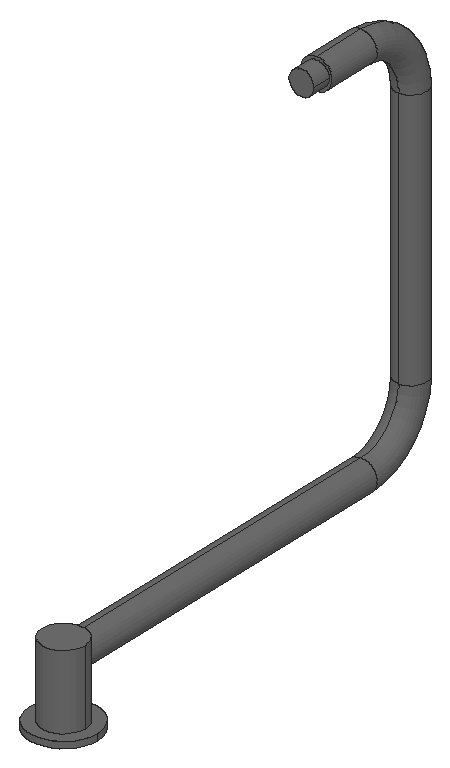
Revit family "4-ALMA-BSUARMCode-Mira High Rise Upswept Shower Arm-Finish", category Plumbing Fixtures, host Face, Revit 2022
Family settings
  Host = Face
  Round Connector Dimension = Use Diameter
  Part Type = Normal
  Cut with Voids When Loaded = No
  Maintain Annotation Orientation = No
  Shared = No
  Room Calculation Point = No
Parameters (values of type "MATTE BLACK")
  URL = "https://www.buildmat.com.au/products/mira-matte-black-high-rise-upswept-shower-arm"
  Model = "BSUARMMB"
  Material = _BM_MATTE BLACK
  Manufacturer = "BUILDMAT"
  Default Elevation = 1219.2 mm
  Cost = 109
Types (4, lengths in mm): name | URL | Model | Material | Cost
  BRUSHED BRASS GOLD | "https://www.buildmat.com.au/products/mira-brushed-brass-gold-high-rise-upswept-shower-arm" | "BSUARMGD" | _BM_BRUSHED BRASS GOLD | 139
  BRUSHED GUNMETAL | "https://www.buildmat.com.au/products/mira-brushed-gunmeetal-high-rise-upswept-shower-arm" | "BSUARMGM" | _BM_BRUSHED GUNMETAL | 139
  BRUSHED NICKEL | "https://www.buildmat.com.au/products/mira-brushed-nickel-high-rise-upswept-shower-arm" | "BSUARMBN" | _BM_BRUSHED NICKEL | 139
  MATTE BLACK | "https://www.buildmat.com.au/products/mira-matte-black-high-rise-upswept-shower-arm" | "BSUARMMB" | _BM_MATTE BLACK | 109
Reference planes
  plane 1 "Center (Elevation)": y = 0
  plane 2 "Back": z = 0
  plane 3 "Centro (Izquierda/Derecha)": x = 0
  plane 4 "Top": y = 27.5
  plane 5 "Bottom": y = -27.5
  plane 6 "Left": x = -27.5
  plane 7 "Right": x = 27.5
  plane 8: y = 350
  plane 9: z = 5
  plane 10: z = 65
  plane 11: z = 50
  plane 12 "Front": z = 360
  plane 13: y = 255
  plane 14: y = 240
Forms (mm)
  Extrusion 1, solid, material "_BM_MATTE BLACK" <- "Material"
    sketch origin (0, 0, 0) x (1, 0, 0) y (0, 1, 0)
      loop
        circle (0, 0) r 27.5
    from 0 to 5
  Extrusion 2, solid, material "_BM_MATTE BLACK" <- "Material"
    sketch origin (0, 0, 0) x (1, 0, 0) y (0, 1, 0)
      loop
        circle (0, 0) r 17.5
    from 5 to 65
  Sweep 3, solid, material "_BM_MATTE BLACK" <- "Material"
    path origin (0, 0, 0) x (0, 1, 0) y (0, 0, 1)
      loop
        line (0, 50) -> (300, 50)
        arc (300, 50) -> (335.355, 64.645) -> (350, 100) r 50
        line (350, 100) -> (350, 310)
        arc (350, 310) -> (335.355, 345.355) -> (300, 360) r 50
        line (300, 360) -> (255, 360)
    profile origin (0, 150, 50) x (0, 0, 1) y (1, 0, 0)
      loop
        circle (0, 0) r 12.5
  Extrusion 4, solid, material "_BM_MATTE BLACK" <- "Material"
    sketch origin (0, 0, 0) x (1, 0, 0) y (0, 0, 1)
      loop
        circle (0, 360) r 10
    from -240 to -255
Cuts and joins
  joined: Extrusion 1, Extrusion 2, Sweep 3, Extrusion 4
Dimensions and locks
  equal spacing: plane 6 "Left", plane 3 "Centro (Izquierda/Derecha)", plane 7 "Right"
  plane 6 "Left" to plane 7 "Right" = 55 mm
  equal spacing: plane 4 "Top", plane 1 "Center (Elevation)", plane 5 "Bottom"
  plane 4 "Top" to plane 5 "Bottom" = 55 mm
  plane 8 to plane 1 "Center (Elevation)" = 350 mm
  plane 10 to plane 9 to plane 2 "Back" = 60 mm, 5 mm
  plane 11 to plane 10 = 15 mm
  plane 12 "Front" to plane 11 = 310 mm
  plane 14 to plane 13 to plane 8 = 15 mm, 95 mm
  aligned and locked: plane 2 "Back" to host face
  aligned and locked: level to host face
  aligned and locked: Extrusion 1 to plane 2 "Back"
  aligned and locked: Extrusion 1 to plane 9
  aligned and locked: plane 9 to Extrusion 2
  aligned and locked: Extrusion 2 to plane 10
  aligned and locked: Sweep 3 sketch curve to plane 12 "Front"
  aligned and locked: plane 13 to Sweep 3 sketch curve
  aligned and locked: plane 8 to Sweep 3 sketch curve
  aligned and locked: Sweep 3 sketch curve to plane 11
  aligned and locked: plane 1 "Center (Elevation)" to Sweep 3 sketch curve
  aligned and locked: plane 13 to Extrusion 4
  aligned and locked: Extrusion 4 to plane 14
Automatic sketch dimensions
  host sketch curve to host sketch curve = 2438.4 mm  (x2)
  plane 1 "Center (Elevation)" to Extrusion 1 sketch curve = 0 mm
  Extrusion 1 sketch curve to plane 3 "Centro (Izquierda/Derecha)" = 0 mm
  plane 1 "Center (Elevation)" to Extrusion 2 sketch curve = 0 mm
  Extrusion 2 sketch curve to plane 3 "Centro (Izquierda/Derecha)" = 0 mm
  Sweep 3 sketch curve to Sweep 3 sketch curve = 45 mm
  Sweep 3 sketch curve to plane 10 = 35 mm
  Sweep 3 sketch curve to plane 3 "Centro (Izquierda/Derecha)" = 0 mm
  Sweep 3 sketch curve to profile plane = 0 mm
  Extrusion 4 sketch curve to plane 3 "Centro (Izquierda/Derecha)" = 0 mm
  Extrusion 4 sketch curve to plane 12 "Front" = 0 mm
  radius of Extrusion 1 sketch curve = 27.5 mm
  radius of Extrusion 2 sketch curve = 17.5 mm
  radius of Sweep 3 sketch curve = 12.5 mm
  radius of Extrusion 4 sketch curve = 10 mm
